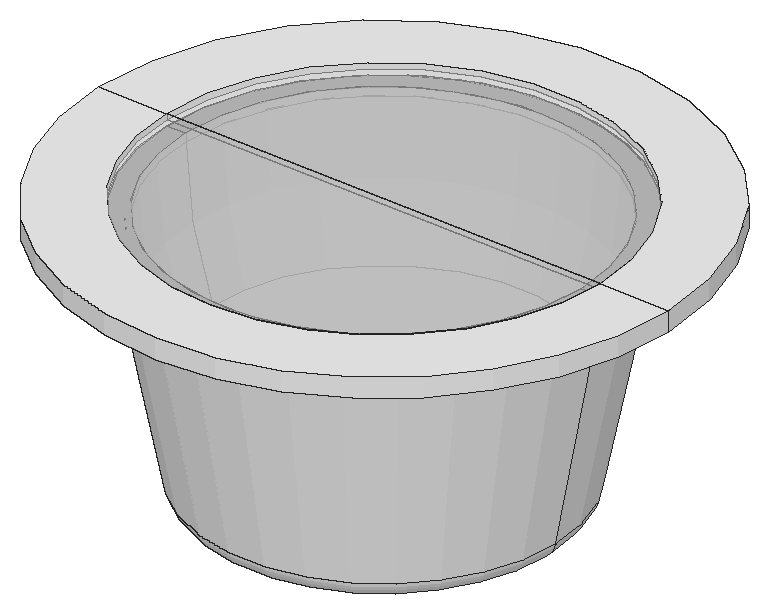
Revit family "2060570+2028034 Sylvania Lighting Fixture ASCENT 100 II ARCH 3600 3K STD 160 with IP44 Clear Glass", category Lighting Fixtures, host Face, Revit 2016
Family settings
  Host = Face
  Part Type = Normal
  Round Connector Dimension = Use Diameter
  OmniClass Number = 23.80.70.11.17
  OmniClass Title = Specialized Lighting by Location or Use
  Cut with Voids When Loaded = No
  Light Source = Yes
  Shared = No
  Room Calculation Point = No
Parameters (values of type "2060570+2028034 ASCT100 II ARCH 3600 3K STD 160 with IP44 Clear Glass")
  WidthBezelAcc_SYL = 25.0 mm
  Weight = "1.2 kg"
  Wattage = 30 W
  WarrantyStartDate [instance] = "n/a"
  WarrantyGuarantorParts = "n/a"
  WarrantyDurationUnit = "n/a"
  WarrantyDurationParts = "n/a"
  WarrantyDescription = "n/a"
  built-in parameter 1150110 = 1 (stored number, unit not read)
  Voltage = 0 V
  VisibilityAccessory_SYL = yes
  TypeName = "ASCENT 100 II ARCH 3600 3K STD 160"
  built-in parameter 1114217 = 1 (stored number, unit not read)
  Tilt Angle = -90°
  built-in parameter 1150109 = 1 (stored number, unit not read)
  built-in parameter 1150134 = (empty or 0)
  built-in parameter 1150113 = 1 (stored number, unit not read)
  SerialNumber [instance] = "n/a"
  ReflectorRadius_SYL = Radius_SYL - 14.5 mm  # 80.0 mm
  RadiusAcc_SYL = 105.0 mm
  Radius_SYL = 94.5 mm
  URL = "http://www.sylvania-lighting.com"
  PowerFactor = 0
  PowerConsumption = "30 W"
  Photometric Web File = "2060570.ies"
  NominalWidth = 0.0 mm
  NominalLength = 0.0 mm
  NominalHeight = 94.0 mm
  Name = "ASCENT 100 II ARCH 3600 3K STD 160"
  ModelReference = "ASCENT 100 II ARCH 3600 3K STD 160"
  ModelNumber = "2060570+2028034"
  Material_4_SYL = none
  Material_3_SYL = Polycarbonate_Sylvania_Ascent_Clear
  Material_2_SYL = Aluminium_Sylvania_Ascent_Silver
  Material_1_SYL = Aluminum_Sylvania_Ascent_White
  Material = "aluminium housing, arcylic diffuser"
  ManufacturerName = "Feilo Sylvania"
  LuminousEfficacy = "118 lm/W"
  built-in parameter 1150105 = 281.7 (stored number, unit not read)
  Lumens = 3540 lm
  LuminaireType = ""
  built-in parameter 1150115 = 1 (stored number, unit not read)
  LightOutputRatio = "100"
  built-in parameter 1150137 = (empty or 0)
  built-in parameter 1150139 = (empty or 0)
  LampsType = Lamp  # "LED"
  LampNominalLuminous = "3548 lm"
  LampMacAdamStep = "3"
  LampColourTemperature = "3000 K"
  LampColourRenderingIndex = "80"
  built-in parameter 1150112 = 1 (stored number, unit not read)
  built-in parameter 1150114 = 1 (stored number, unit not read)
  Keynote = "16500"
  InstallationDate [instance] = "n/a"
  InputVoltage = "n/a"
  InputNominalFrequency = "n/a"
  built-in parameter 1150132 = (empty or 0)
  built-in parameter 1150102 = (empty or 0)
  built-in parameter 1150107 = 3000 (stored number, unit not read)
  built-in parameter 1150138 = (empty or 0)
  IngressProtection = "IP44"
  ImpactProtectionIndex = "IK02"
  built-in parameter 1150106 = 2.817 (stored number, unit not read)
  IfcExportType = "IfcLightFixtureType"
  IfcExportAs = "IfcLightFixtureType"
  Height_SYL = 94.0 mm
  HeightAcc_SYL = 7.0 mm
  ExpectedLife = 50000
  EmittionSurface_SYL = if(VisibilityAccessory_SYL, 7.0 mm, 3.0 mm)  # 7.0 mm
  Emit from Circle Diameter = DiffuserRadius_SYL * 2  # 146.0 mm
  Emit Shape Visible in Rendering = no
  ElectricShockClassification = "Class II"
  built-in parameter 1150104 = 10.963 (stored number, unit not read)
  DurationUnit = "hours"
  DocumentationLiterature = "http://www.sylvania-lighting.com/product/en-int/products/2060570"
  DimmingControlOptions = "n/a"
  Dimming Lamp Color Temperature Shift = <None>
  DiffuserRadius_SYL = ReflectorRadius_SYL - 7.0 mm  # 73.0 mm
  Diameter_SYL = 2 * Radius_SYL  # 189.0 mm
  CutoutDiameter_SYL = Diameter_SYL - 13.0 mm  # 176.0 mm
  CreatedOn = "9/17/2018"
  CreatedBy = "@sylvania-lighting.com"
  Color Filter = 16777215
  built-in parameter 1114216 [instance] = 1 (stored number, unit not read)
  Model = "ASCENT 100 II ARCH 3600 3K STD 160"
  Manufacturer = "Feilo Sylvania"
  Lamp = "LED"
  Description = "Direct LED retro fit for original LED 100 Arch (160) single CFL lamp offering Matching lumen levels and improved light distribution of original LED 100 CFL lamp equivalents Typically half the power consumption compared to CFL Up to 112lm/W 160mm aperture Architectural reflector accepts range of glass accessories from existing LED 100 Arch 160 offering HE, HO and VHO versions equivalent of single 1 x 18W, 1 x 32W, 1 x 42W\r\n Additional VVHO versions which offer the performance circa 2 x 32W equivalent"  # constant formula
  Default Elevation = 0.0 mm
  built-in parameter 1140040 [instance] = 1
  BarCode [instance] = "n/a"
  built-in parameter 1114218 = 1 (stored number, unit not read)
  built-in parameter 1150133 = 10 (stored number, unit not read)
  AssetType = "Fixed"
  AssetIdentifier [instance] = "n/a"
  Assembly Code = "D5020200"
  Apparent Load = 30 VA
  Aperture_SYL = 2 * ReflectorRadius_SYL  # 160.0 mm
Reference planes
  plane 1 "Center (Front/Back)": y = 0
  plane 2: z = 0
  plane 3 "Center (Left/Right)": x = 0
  plane 4 "Fixture Bottom": z = 3
  plane 5: z = -52.5
  plane 6 "Fixture Top": z = -91
  plane 7: x = -105
  plane 8: z = 7
  plane 9: x = -80
  plane 10: z = 5
  plane 11: x = -103
Forms (mm)
  Extrusion 1, solid, material "Aluminum_Sylvania_Ascent_White", detail levels fine
    sketch origin (0, 0, 0) x (1, 0, 0) y (0, 1, 0)
      loop
        circle (0, 0) r 94.5
      loop
        circle (0, 0) r 80
    from 0 to 3
  Extrusion 2, void
    sketch origin (0, 0, 0) x (1, 0, 0) y (0, 1, 0)
      loop
        circle (0, 0) r 88
    from -91 to 3
  Revolve 3, solid, material "Aluminum_Sylvania_Ascent_White" <- "Material_1_SYL", detail levels fine
    sketch origin (0, 0, 0) x (1, 0, 0) y (0, 0, 1)
      loop
        line (0, -91.073) -> (0, -89.023) -> (-55.468, -89.014)
        arc (-55.468, -89.014) -> (-59.352, -87.613) -> (-61.54, -84.139) r 6.307
        line (-61.54, -84.139) -> (-77.991, -2.844) -> (-77.991, 0) -> (-80, 0) -> (-80, -3) -> (-63.5, -84.536)
        arc (-63.5, -84.536) -> (-60.643, -89.203) -> (-55.5, -91.073) r 8.291
        line (-55.5, -91.073) -> (0, -91.073)
      axis (0, 0) -> (0, -91.073)
    angle from 0 to 360
  Revolve 4, solid, material "Aluminium_Sylvania_Ascent_Silver" <- "Material_2_SYL", detail levels fine
    sketch origin (0, 0, 0) x (1, 0, 0) y (0, 0, 1)
      loop
        line (-80, 3) -> (-80, 0) -> (-75, 0)
        arc (-75, 0) -> (-72.349, -26.77) -> (-64.5, -52.5) r 136.5
        line (-64.5, -52.5) -> (-58, -52.5)
        arc (-58, -52.5) -> (-56.857, -61.521) -> (-53.5, -69.971) r 36.166
        line (-53.5, -69.971) -> (0, -69.971) -> (0, -50.5) -> (-63.16, -50.5)
        arc (-63.16, -50.5) -> (-70.517, -25.725) -> (-73, 0) r 134.5
        line (-73, 0) -> (-73, 3) -> (-80, 3)
      axis (0, 3) -> (0, -69.971)
    angle from 0 to 360
  Extrusion 5, solid, material "Polycarbonate_Sylvania_Ascent_Clear" <- "Material_3_SYL", detail levels fine
    sketch origin (0, 0, 0) x (1, 0, 0) y (0, 1, 0)
      loop
        circle (0, 0) r 73
    from 0 to 3
  Revolve 6, solid, material "Aluminum_Sylvania_Ascent_White" <- "Material_1_SYL", detail levels coarse+medium
    sketch origin (0, 0, 0) x (1, 0, 0) y (0, 0, 1)
      loop
        line (0, -91.073) -> (0, 3) -> (-94.5, 3) -> (-94.5, 0) -> (-79.5, 0) -> (-79.5, -3) -> (-63, -84.536)
        arc (-63, -84.536) -> (-60.143, -89.203) -> (-55, -91.073) r 8.291
        line (-55, -91.073) -> (0, -91.073)
      axis (0, 3) -> (0, -91.073)
    angle from 0 to 360
  Revolve 7, solid, material "Aluminum_Sylvania_Ascent_White" <- "Material_1_SYL", visible <- "VisibilityAccessory_SYL"
    sketch origin (0, 0, 0) x (1, 0, 0) y (0, 0, 1)
      loop
        line (-105, 0) -> (-103, 0) -> (-103, 5) -> (-80, 5) -> (-80, 7) -> (-105, 7) -> (-105, 0)
      axis (0, 7) -> (0, 0)
    angle from 0 to 360
  Revolve 8, solid, material "Polycarbonate_Sylvania_Ascent_Clear" <- "Material_3_SYL", visible <- "VisibilityAccessory_SYL"
    sketch origin (0, 0, 0) x (1, 0, 0) y (0, 0, 1)
      loop
        line (-80, 7) -> (-80, 5) -> (0, 5) -> (0, 7) -> (-80, 7)
      axis (0, 7) -> (0, 5)
    angle from 0 to 360
Lines and regions (mm)
  reference lines
    curve 1: line (-150, 0, 7) -> (125, 0, 7)
Dimensions and locks
  locked: plane 4 "Fixture Bottom" to plane 2 at 3
  "Height_SYL": plane 4 "Fixture Bottom" to plane 6 "Fixture Top"
  "ReflectorRadius_SYL": plane 3 "Center (Left/Right)" to Revolve 4 sketch curve
  locked: Revolve 4 sketch curve to Revolve 4 sketch curve at 15.5
  locked: Revolve 4 sketch curve to Revolve 4 sketch curve at 5
  locked: Revolve 4 sketch curve to Revolve 4 sketch curve at 7
  locked: Revolve 4 sketch curve to Revolve 4 sketch curve at 22
  locked: Revolve 4 sketch curve to Revolve 4 sketch curve at 26.5
  locked: Revolve 3 sketch curve to Revolve 3 sketch curve at 16.5
  locked: Revolve 3 sketch curve to Revolve 3 sketch curve at 24.5
  "ReflectorRadius_SYL": Revolve 3 sketch curve to plane 3 "Center (Left/Right)"
  locked: Revolve 3 sketch curve to plane 6 "Fixture Top" at 6.464
  locked: plane 2 to Revolve 3 sketch curve at 3
  locked: Revolve 3 sketch curve to Revolve 3 sketch curve at 2
  locked: Revolve 3 sketch curve to Revolve 3 sketch curve at 2.009
  locked: plane 2 to plane 5 at 52.5
  locked: Revolve 6 sketch curve to Revolve 6 sketch curve at 31.5
  locked: Revolve 6 sketch curve to Revolve 6 sketch curve at 39.5
  locked: Revolve 6 sketch curve to Revolve 6 sketch curve at 15
  "Radius_SYL": plane 3 "Center (Left/Right)" to Revolve 6 sketch curve
  "RadiusAcc_SYL": plane 3 "Center (Left/Right)" to plane 7
  "HeightAcc_SYL": plane 8 to level
  "WidthBezelAcc_SYL": plane 7 to plane 9
  locked: plane 7 to plane 11 at 2
  locked: plane 8 to plane 10 at 2
  "EmittionSurface_SYL": curve 1 to level
  "CutoutDiameter_SYL": diameter of Extrusion 2 sketch curve
  "ReflectorRadius_SYL": radius of Extrusion 1 sketch curve
  "DiffuserRadius_SYL": radius of Extrusion 5 sketch curve
  "Radius_SYL": radius of Extrusion 1 sketch curve
  aligned and locked: host face to plane 2
  aligned and locked: host face to level
  aligned and locked: plane 4 "Fixture Bottom" to Extrusion 1
  aligned and locked: Extrusion 1 to plane 2
  aligned and locked: Revolve 3 sketch curve to plane 3 "Center (Left/Right)"
  aligned and locked: Revolve 4 sketch curve to plane 3 "Center (Left/Right)"  (x2)
  aligned and locked: plane 4 "Fixture Bottom" to Revolve 4 sketch curve
  aligned and locked: Extrusion 5 to plane 2
  aligned and locked: plane 2 to Revolve 3 sketch curve  (x2)
  aligned and locked: Revolve 6 sketch curve to plane 3 "Center (Left/Right)"
  aligned and locked: plane 6 "Fixture Top" to Extrusion 2
  aligned and locked: Revolve 7 sketch curve to plane 3 "Center (Left/Right)"
  aligned and locked: host face to Revolve 7 sketch curve  (x2)
  aligned and locked: Revolve 7 sketch curve to plane 7
  aligned and locked: plane 8 to Revolve 7 sketch curve
  aligned and locked: plane 9 to Revolve 7 sketch curve
  aligned and locked: Revolve 7 sketch curve to plane 10
  aligned and locked: plane 11 to Revolve 7 sketch curve
  aligned and locked: Revolve 7 to Revolve 8 sketch curve
  aligned and locked: Revolve 8 sketch curve to Revolve 7  (x2)
  aligned and locked: Revolve 8 sketch curve to plane 3 "Center (Left/Right)"  (x2)
  aligned and locked: plane 3 "Center (Left/Right)" to imposter light
  aligned and locked: imposter light to plane 1 "Center (Front/Back)"
  aligned and locked: imposter light to curve 1
Automatic sketch dimensions
  plane 1 "Center (Front/Back)" to Extrusion 2 sketch curve = 0.0 mm
  Extrusion 2 sketch curve to plane 3 "Center (Left/Right)" = 0.0 mm
  Extrusion 1 sketch curve to Extrusion 1 sketch curve = 0.0 mm  (x2)
  plane 1 "Center (Front/Back)" to Extrusion 1 sketch curve = 0.0 mm
  Extrusion 1 sketch curve to plane 3 "Center (Left/Right)" = 0.0 mm
  plane 6 "Fixture Top" to Revolve 3 sketch curve = 0.073 mm
  Revolve 3 sketch curve to plane 6 "Fixture Top" = 6.861 mm
  Revolve 3 sketch curve to Revolve 3 sketch curve = 0.003 mm
  Revolve 3 sketch curve to Revolve 3 sketch curve = 0.009 mm  (x2)
  Revolve 3 sketch curve to Revolve 3 sketch curve = 0.023 mm
  Revolve 3 sketch curve to Revolve 3 sketch curve = 0.072 mm
  Revolve 3 sketch curve to Revolve 3 sketch curve = 0.008 mm
  Revolve 3 sketch curve to plane 6 "Fixture Top" = 1.977 mm
  Revolve 3 sketch curve to Revolve 3 sketch curve = 33.496 mm
  Revolve 3 sketch curve to Revolve 3 sketch curve = 0.028 mm
  plane 4 "Fixture Bottom" to Revolve 3 sketch curve = 82.431 mm
  Revolve 4 sketch curve to Revolve 4 sketch curve = 0.0 mm  (x2)
  Revolve 4 sketch curve to plane 5 = 0.0 mm
  Revolve 4 sketch curve to level = 0.0 mm
  plane 5 to Revolve 4 sketch curve = 2.0 mm
  plane 4 "Fixture Bottom" to Revolve 4 sketch curve = 9.642 mm
  plane 1 "Center (Front/Back)" to Extrusion 5 sketch curve = 0.0 mm
  Extrusion 5 sketch curve to plane 3 "Center (Left/Right)" = 0.0 mm
  Revolve 4 sketch curve to level = 69.971 mm
  Revolve 4 sketch curve to Revolve 4 sketch curve = 2.387 mm
  Revolve 6 sketch curve to level = 0.0 mm
  Revolve 6 sketch curve to plane 3 "Center (Left/Right)" = 0.0 mm
  Revolve 6 sketch curve to Revolve 6 sketch curve = 8.104 mm
  Revolve 6 sketch curve to level = 3.0 mm
  Revolve 6 sketch curve to plane 6 "Fixture Top" = 6.464 mm
  plane 6 "Fixture Top" to Revolve 6 sketch curve = 0.073 mm
  Revolve 6 sketch curve to Revolve 6 sketch curve = 33.496 mm
  plane 4 "Fixture Bottom" to Revolve 6 sketch curve = 82.431 mm
  host sketch curve to host sketch curve = 1704.996 mm
  host sketch curve to host sketch curve = 1500.0 mm
  plane 6 "Fixture Top" to Revolve 7 sketch curve = 281.274 mm
  Revolve 7 sketch curve to plane 8 = 1140.706 mm
  plane 6 "Fixture Top" to Revolve 8 sketch curve = 281.274 mm
  Revolve 8 sketch curve to Revolve 8 sketch curve = 1140.706 mm
  Revolve 3 sketch curve to plane 3 "Center (Left/Right)" = 0.0 mm
  Revolve 6 sketch curve to plane 4 "Fixture Bottom" = 0.0 mm
  plane 7 to curve 1 = 45.0 mm
  plane 3 "Center (Left/Right)" to curve 1 = 125.0 mm
Connectors
  electrical at (0, 0, -91.073), driven by "Apparent Load"
    settings: on Revolve 3, index 1, voltage 240 V, apparent load 0 VA, apparent load phase1 30 VA, apparent load phase2 0 VA, apparent load phase3 0 VA, power factor 1, load classification "Lighting", number of poles 1, system type 31, power factor state 1, is connector primary yes, connector utility no, sub classification motor no, connector description ""
